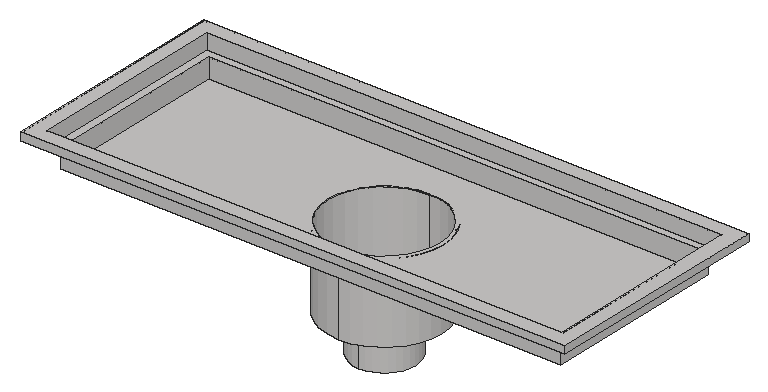
Revit family "QF_ELECTROLUXPROFESSIONAL_328062_FDB40100", category Attrezzature speciali, Revit 2020
Family settings
  Quota connettore circolare = Usa diametro
  Tipo di parte = Normale
  Basato su piano di lavoro = No
  Sempre verticale = Sì
  Taglio con vuoti quando caricato = No
  Condiviso = No
  Punto di calcolo locali = No
Parameters (values of type "Standard")
  Weight = 44.0925 lbm
  Watts = 0 W
  Volts = 0 V
  URL Manufacturer = "https://www.electroluxprofessional.com/"
  URL = "https://www.electroluxprofessional.com/"
  Steam Supply Size = 0"
  Steam Supply Minimum Pressure = 0.00 psi
  Steam Supply Maximum Pressure = 0.00 psi
  Steam Consumption per Hour = 0
  Refrigeration Suction Line Size = 0 mm
  Refrigeration Liquid Line Size = 0 mm
  Refrigerant Compressor Remote = yes
  Prospetto di default = 0 mm
  Phase = 0
  Modello = "FDB40100"
  Produttore = "Electrolux Professional"
  Length Actual = 950 mm  # constant formula
  Item Number = "328062"
  Hot Water Size = 0"
  Height Actual = 265 mm  # constant formula
  HP = "0 HP"
  Gas Size = 0"
  Gas KW = 0
  Gas Input Pressure = 0.0 Btu/h
  Direct Waste Size = 3.93701"
  Descrizione = "FLR.DRAIN+GRATE+C.SIPH-VERT. OUT.400X950"
  Depth Actual = 400 mm  # constant formula
  Cycle = 0 Hz
  Condensate Return Size = 0"
  Compressed Air Volume = 0 GPM
  Compressed Air Size = 0"
  Compressed Air Pressure = 0.00 psi
  Cold Water Size = 0"
  Assembly Code = ""
  Accessory = yes
Reference planes
  plane 1: z = 0
  plane 2 "Center (Front/Back)": y = -102.225
  plane 3 "Center (Left/Right)": x = 9.791
  plane 4 "TOP": z = -265
  plane 5 "Back": y = 97.775
  plane 6 "Front": y = -302.225
  plane 7: x = -140.209
  plane 8: x = 159.791
  plane 9 "Right": x = 484.791
  plane 10 "Left": x = -465.209
  plane 11: x = 459.791
Forms (mm)
  Revolve 1, solid, material "QF_Metal-Stainless-Polished"
    sketch origin (9.791, 0, 0) x (0, 1, 0) y (0, 0, 1)
      loop
        line (-2.225, -62) -> (0.775, -62) -> (0.775, -60) -> (-4.225, -60) -> (-4.225, -198) -> (-49.225, -198) -> (-49.225, -265) -> (-47.225, -265) -> (-47.225, -200) -> (-2.225, -200) -> (-2.225, -62)
      axis (-102.225, -265) -> (-102.225, -60)
    angle from 0 to 360
  Sweep 2, solid, material "QF_Finishes_Stainless Steel"
    path origin (0, 0, 0) x (1, 0, 0) y (0, 1, 0)
      loop
        line (-465.209, 97.775) -> (-465.209, -302.225) -> (484.791, -302.225) -> (484.791, 97.775) -> (-465.209, 97.775)
    profile origin (9.791, 97.775, 0) x (0, 1, 0) y (0, 0, 1)
      loop
        line (0, -11.945) -> (0, 1) -> (-26, 1) -> (-26, -25) -> (-40, -25) -> (-40, -59) -> (-50, -59) -> (-50, -60) -> (-39, -60) -> (-39, -26) -> (-25, -26) -> (-25, 0.055) -> (-1, 0.055) -> (-1, -11.945) -> (0, -11.945)
  Extrusion 3, solid, material "QF_Finishes_Stainless Steel"
    sketch origin (0, 0, 0) x (1, 0, 0) y (0, 1, 0)
      loop
        line (-415.209, 47.775) -> (-415.209, -252.225) -> (434.791, -252.225) -> (434.791, 47.775) -> (-415.209, 47.775)
      loop
        circle (9.791, -102.225) r 98
    from -59 to -60
Cuts and joins
  joined: Sweep 2, Extrusion 3
Lines and regions (mm)
  symbolic lines
    curve 1: line (-465.209, 97.775, 0) -> (484.791, 97.775, 0)
    curve 2: line (-465.209, -302.225, 0) -> (-465.209, 97.775, 0)
    curve 3: line (484.791, -302.225, 0) -> (-465.209, -302.225, 0)
    curve 4: line (484.791, 97.775, 0) -> (484.791, -302.225, 0)
    curve 5: circle (9.791, -102.225, 0) r 115 normal (0, 0, 1)
    curve 18: circle (9.791, -102.225, 0) r 115 normal (0, 0, -1)
    curve 24: circle (9.791, -102.225, 0) r 53 normal (0, 0, 1)
    curve 70: line (-440.209, 72.775, 0) -> (-440.209, -277.225, 0)
    curve 71: line (459.791, 72.775, 0) -> (-440.209, 72.775, 0)
    curve 72: line (-440.209, -277.225, 0) -> (459.791, -277.225, 0)
    curve 73: line (459.791, -277.225, 0) -> (459.791, 72.775, 0)
  model lines
    curve 6: line (-100.209, 71.775, 0) -> (-100.209, -276.225, 0)
    curve 7: line (-80.209, 71.775, 0) -> (-80.209, -276.225, 0)
    curve 8: line (-60.209, 71.775, 0) -> (-60.209, -276.225, 0)
    curve 9: line (-40.209, 71.775, 0) -> (-40.209, -276.225, 0)
    curve 10: line (-20.209, 71.775, 0) -> (-20.209, -276.225, 0)
    curve 11: line (-0.209, 71.775, 0) -> (-0.209, -276.225, 0)
    curve 12: line (19.791, 71.775, 0) -> (19.791, -276.225, 0)
    curve 13: line (39.791, 71.775, 0) -> (39.791, -276.225, 0)
    curve 14: line (59.791, 71.775, 0) -> (59.791, -276.225, 0)
    curve 15: line (79.791, 71.775, 0) -> (79.791, -276.225, 0)
    curve 16: line (99.791, 71.775, 0) -> (99.791, -276.225, 0)
    curve 17: line (119.791, 71.775, 0) -> (119.791, -276.225, 0)
    curve 19: line (-440.209, -22.225, 0) -> (459.791, -22.225, 0)
    curve 20: line (-440.209, -42.225, 0) -> (459.791, -42.225, 0)
    curve 21: line (-440.209, -62.225, 0) -> (459.791, -62.225, 0)
    curve 22: line (-440.209, -102.225, 0) -> (459.791, -102.225, 0)
    curve 23: line (-440.209, -122.225, 0) -> (459.791, -122.225, 0)
    curve 25: line (-440.209, 37.775, 0) -> (459.791, 37.775, 0)
    curve 26: line (-440.209, 17.775, 0) -> (459.791, 17.775, 0)
    curve 27: line (-440.209, -2.225, 0) -> (459.791, -2.225, 0)
    curve 28: line (-440.209, -202.225, 0) -> (459.791, -202.225, 0)
    curve 29: line (-440.209, -182.225, 0) -> (459.791, -182.225, 0)
    curve 30: line (-440.209, -162.225, 0) -> (459.791, -162.225, 0)
    curve 31: line (-440.209, -142.225, 0) -> (459.791, -142.225, 0)
    curve 32: line (-440.209, -262.225, 0) -> (459.791, -262.225, 0)
    curve 33: line (-440.209, -242.225, 0) -> (459.791, -242.225, 0)
    curve 34: line (-440.209, -222.225, 0) -> (459.791, -222.225, 0)
    curve 35: line (-440.209, 57.775, 0) -> (459.791, 57.775, 0)
    curve 36: line (139.791, 71.775, 0) -> (139.791, -276.225, 0)
    curve 37: line (159.791, 71.775, 0) -> (159.791, -276.225, 0)
    curve 38: line (179.791, 71.775, 0) -> (179.791, -276.225, 0)
    curve 39: line (199.791, 71.775, 0) -> (199.791, -276.225, 0)
    curve 40: line (219.791, 71.775, 0) -> (219.791, -276.225, 0)
    curve 41: line (239.791, 71.775, 0) -> (239.791, -276.225, 0)
    curve 42: line (259.791, 71.775, 0) -> (259.791, -276.225, 0)
    curve 43: line (279.791, 71.775, 0) -> (279.791, -276.225, 0)
    curve 44: line (299.791, 71.775, 0) -> (299.791, -276.225, 0)
    curve 45: line (319.791, 71.775, 0) -> (319.791, -276.225, 0)
    curve 46: line (339.791, 71.775, 0) -> (339.791, -276.225, 0)
    curve 47: line (359.791, 71.775, 0) -> (359.791, -276.225, 0)
    curve 48: line (379.791, 71.775, 0) -> (379.791, -276.225, 0)
    curve 49: line (399.791, 71.775, 0) -> (399.791, -276.225, 0)
    curve 50: line (419.791, 71.775, 0) -> (419.791, -276.225, 0)
    curve 51: line (439.791, 71.775, 0) -> (439.791, -276.225, 0)
    curve 52: line (459.791, 72.775, 0) -> (459.791, -277.225, 0)
    curve 53: line (-440.209, -82.225, 0) -> (459.791, -82.225, 0)
    curve 54: line (-360.209, 71.775, 0) -> (-360.209, -276.225, 0)
    curve 55: line (-340.209, 71.775, 0) -> (-340.209, -276.225, 0)
    curve 56: line (-320.209, 71.775, 0) -> (-320.209, -276.225, 0)
    curve 57: line (-300.209, 71.775, 0) -> (-300.209, -276.225, 0)
    curve 58: line (-280.209, 71.775, 0) -> (-280.209, -276.225, 0)
    curve 59: line (-260.209, 71.775, 0) -> (-260.209, -276.225, 0)
    curve 60: line (-240.209, 71.775, 0) -> (-240.209, -276.225, 0)
    curve 61: line (-220.209, 71.775, 0) -> (-220.209, -276.225, 0)
    curve 62: line (-200.209, 71.775, 0) -> (-200.209, -276.225, 0)
    curve 63: line (-180.209, 71.775, 0) -> (-180.209, -276.225, 0)
    curve 64: line (-160.209, 71.775, 0) -> (-160.209, -276.225, 0)
    curve 65: line (-140.209, 71.775, 0) -> (-140.209, -276.225, 0)
    curve 66: line (-120.209, 71.775, 0) -> (-120.209, -276.225, 0)
    curve 67: line (-420.209, 71.775, 0) -> (-420.209, -276.225, 0)
    curve 68: line (-400.209, 71.775, 0) -> (-400.209, -276.225, 0)
    curve 69: line (-380.209, 71.775, 0) -> (-380.209, -276.225, 0)
Dimensions and locks
  equal spacing: plane 8, plane 3 "Center (Left/Right)", plane 7
  level to plane 4 "TOP" = 265 mm
  locked: Revolve 1 sketch curve to Revolve 1 sketch curve at 100
  locked: Revolve 1 sketch curve to Revolve 1 sketch curve at 55
  locked: plane 8 to plane 7 at 300
  equal spacing: plane 6 "Front", plane 2 "Center (Front/Back)", plane 5 "Back"
  locked: plane 6 "Front" to plane 5 "Back" at 400
  equal spacing: plane 10 "Left", plane 3 "Center (Left/Right)", plane 9 "Right"
  locked: plane 10 "Left" to plane 9 "Right" at 950
  locked: plane 11 to plane 9 "Right" at 25
  aligned and locked: level to plane 1
  aligned and locked: Sweep 2 sketch curve to plane 9 "Right"
  aligned and locked: curve 4 to plane 9 "Right"
  aligned and locked: plane 10 "Left" to Sweep 2 sketch curve
  aligned and locked: plane 10 "Left" to curve 2
  aligned and locked: plane 11 to curve 25
Automatic sketch dimensions
  plane 6 "Front" to Sweep 2 sketch curve = 0 mm
  plane 5 "Back" to Sweep 2 sketch curve = 0 mm
  level to Sweep 2 sketch curve = 1 mm
  Sweep 2 sketch curve to profile plane = 0 mm
  profile plane to Sweep 2 sketch curve = 1 mm
  profile plane to Sweep 2 sketch curve = 25 mm
  Sweep 2 sketch curve to Sweep 2 sketch curve = 1 mm  (x4)
  Sweep 2 sketch curve to Sweep 2 sketch curve = 14 mm
  level to Sweep 2 sketch curve = 0.055 mm
  Sweep 2 sketch curve to Sweep 2 sketch curve = 12 mm
  Sweep 2 sketch curve to level = 25 mm
  Sweep 2 sketch curve to Sweep 2 sketch curve = 33 mm
  Sweep 2 sketch curve to Sweep 2 sketch curve = 10 mm
  Extrusion 3 sketch curve to plane 2 "Center (Front/Back)" = 0 mm
  Extrusion 3 sketch curve to plane 3 "Center (Left/Right)" = 0 mm
  Extrusion 3 sketch curve to plane 9 "Right" = 50 mm
  Extrusion 3 sketch curve to plane 6 "Front" = 50 mm
  plane 5 "Back" to Extrusion 3 sketch curve = 50 mm
  plane 10 "Left" to Extrusion 3 sketch curve = 50 mm
  curve 5 to curve 18 = 0 mm  (x2)
  curve 5 to curve 24 = 0 mm  (x2)
  curve 18 to curve 24 = 0 mm  (x2)
  curve 22 to plane 2 "Center (Front/Back)" = 0 mm
  curve 65 to plane 7 = 0 mm
  curve 18 to plane 2 "Center (Front/Back)" = 0 mm
  curve 18 to plane 3 "Center (Left/Right)" = 0 mm
  curve 37 to plane 8 = 0 mm
  curve 34 to plane 11 = 0 mm
  curve 33 to plane 11 = 0 mm
  curve 35 to plane 11 = 0 mm
  curve 31 to plane 11 = 0 mm
  curve 30 to plane 11 = 0 mm
  curve 29 to plane 11 = 0 mm
  curve 28 to plane 11 = 0 mm
  curve 27 to plane 11 = 0 mm
  curve 26 to plane 11 = 0 mm
  curve 23 to plane 11 = 0 mm
  curve 22 to plane 11 = 0 mm
  curve 21 to plane 11 = 0 mm
  curve 20 to plane 11 = 0 mm
  curve 19 to plane 11 = 0 mm
  curve 32 to plane 11 = 0 mm
  curve 72 to plane 11 = 0 mm
  curve 71 to plane 11 = 0 mm
  curve 53 to plane 11 = 0 mm
  plane 6 "Front" to curve 3 = 0 mm
  plane 5 "Back" to curve 2 = 0 mm
  plane 10 "Left" to curve 71 = 25 mm
  curve 52 to plane 6 "Front" = 25 mm
  plane 8 to curve 52 = 300 mm
  curve 72 to plane 6 "Front" = 25 mm
  plane 5 "Back" to curve 70 = 25 mm
  plane 5 "Back" to curve 73 = 25 mm
  curve 70 to curve 67 = 20 mm
  curve 67 to curve 68 = 20 mm
  curve 68 to curve 69 = 20 mm
  curve 69 to curve 54 = 20 mm
  curve 54 to curve 55 = 20 mm
  curve 55 to curve 56 = 20 mm
  curve 56 to curve 57 = 20 mm
  curve 57 to curve 58 = 20 mm
  curve 58 to curve 59 = 20 mm
  curve 59 to curve 60 = 20 mm
  curve 60 to curve 61 = 20 mm
  curve 61 to curve 62 = 20 mm
  curve 62 to curve 63 = 20 mm
  curve 64 to plane 7 = 20 mm
  curve 65 to curve 66 = 20 mm
  curve 66 to curve 6 = 20 mm
  curve 6 to curve 7 = 20 mm
  curve 7 to curve 8 = 20 mm
  curve 8 to curve 9 = 20 mm
  curve 9 to curve 10 = 20 mm
  curve 11 to plane 3 "Center (Left/Right)" = 10 mm
  plane 3 "Center (Left/Right)" to curve 12 = 10 mm
  curve 12 to curve 13 = 20 mm
  curve 13 to curve 14 = 20 mm
  curve 14 to curve 15 = 20 mm
  curve 15 to curve 16 = 20 mm
  curve 16 to curve 17 = 20 mm
  curve 36 to curve 37 = 20 mm
  plane 8 to curve 38 = 20 mm
  curve 38 to curve 39 = 20 mm
  curve 39 to curve 40 = 20 mm
  curve 40 to curve 41 = 20 mm
  curve 41 to curve 42 = 20 mm
  curve 42 to curve 43 = 20 mm
  curve 43 to curve 44 = 20 mm
  curve 44 to curve 45 = 20 mm
  curve 45 to curve 46 = 20 mm
  curve 46 to curve 47 = 20 mm
  curve 47 to curve 48 = 20 mm
  curve 48 to curve 49 = 20 mm
  curve 49 to curve 50 = 20 mm
  curve 50 to curve 51 = 20 mm
  curve 68 to plane 6 "Front" = 26 mm
  curve 6 to plane 6 "Front" = 26 mm
  curve 67 to curve 68 = 0 mm  (x2)
  curve 6 to curve 7 = 0 mm  (x2)
  curve 66 to curve 6 = 0 mm
  curve 7 to curve 8 = 0 mm  (x2)
  curve 65 to curve 66 = 0 mm  (x2)
  curve 8 to curve 9 = 0 mm  (x2)
  curve 64 to curve 65 = 0 mm  (x2)
  curve 68 to curve 69 = 0 mm
  curve 63 to plane 6 "Front" = 26 mm
  curve 11 to plane 6 "Front" = 26 mm
  curve 62 to curve 63 = 0 mm  (x2)
  curve 11 to curve 12 = 0 mm  (x2)
  curve 61 to curve 62 = 0 mm  (x2)
  curve 12 to curve 13 = 0 mm  (x2)
  curve 60 to curve 61 = 0 mm  (x2)
  curve 13 to curve 14 = 0 mm  (x2)
  curve 59 to curve 60 = 0 mm  (x2)
  curve 14 to curve 15 = 0 mm  (x2)
  curve 58 to curve 59 = 0 mm  (x2)
  curve 15 to curve 16 = 0 mm  (x2)
  curve 57 to curve 58 = 0 mm  (x2)
  curve 16 to curve 17 = 0 mm  (x2)
  curve 56 to curve 57 = 0 mm  (x2)
  curve 55 to curve 56 = 0 mm  (x2)
  curve 54 to curve 55 = 0 mm  (x2)
  curve 9 to curve 10 = 0 mm  (x2)
  curve 52 to curve 51 = 1 mm
  curve 50 to curve 51 = 0 mm  (x2)
  curve 49 to curve 50 = 0 mm
  curve 48 to curve 49 = 0 mm  (x2)
  curve 47 to curve 48 = 0 mm  (x2)
  curve 46 to curve 47 = 0 mm  (x2)
  curve 45 to curve 46 = 0 mm  (x2)
  curve 44 to curve 45 = 0 mm  (x2)
  curve 43 to curve 44 = 0 mm
  curve 42 to curve 43 = 0 mm  (x2)
  curve 41 to curve 42 = 0 mm  (x2)
  curve 40 to curve 41 = 0 mm
  curve 39 to curve 40 = 0 mm  (x2)
  curve 38 to curve 39 = 0 mm  (x2)
  curve 37 to curve 38 = 0 mm
  curve 36 to curve 37 = 0 mm  (x2)
  curve 72 to curve 32 = 15 mm
  curve 32 to curve 33 = 20 mm
  curve 33 to curve 34 = 20 mm
  curve 34 to curve 28 = 20 mm
  curve 28 to curve 29 = 20 mm
  curve 29 to curve 30 = 20 mm
  curve 30 to curve 31 = 20 mm
  curve 23 to curve 22 = 20 mm
  plane 2 "Center (Front/Back)" to curve 53 = 20 mm
  curve 53 to curve 21 = 20 mm
  curve 21 to curve 20 = 20 mm
  curve 20 to curve 19 = 20 mm
  curve 19 to curve 27 = 20 mm
  curve 27 to curve 26 = 20 mm
  curve 26 to curve 25 = 20 mm
  curve 35 to curve 70 = 15 mm
  plane 5 "Back" to curve 47 = 26 mm
  plane 5 "Back" to curve 36 = 26 mm
  plane 5 "Back" to curve 39 = 26 mm
  plane 5 "Back" to curve 50 = 26 mm
  plane 5 "Back" to curve 42 = 26 mm
  plane 5 "Back" to curve 69 = 26 mm
  curve 69 to curve 54 = 0 mm
  curve 17 to curve 36 = 0 mm
  plane 5 "Back" to curve 64 = 26 mm
  curve 10 to curve 11 = 0 mm
  curve 67 to curve 70 = 1 mm
  Revolve 1 sketch curve to plane 2 "Center (Front/Back)" = 0 mm
  Revolve 1 sketch curve to plane 4 "TOP" = 0 mm
  Revolve 1 sketch curve to Revolve 1 sketch curve = 2 mm  (x4)
  Revolve 1 sketch curve to Revolve 1 sketch curve = 3 mm
  plane 4 "TOP" to Revolve 1 sketch curve = 65 mm
  Revolve 1 sketch curve to level = 60 mm
  Revolve 1 sketch curve to plane 4 "TOP" = 344.6 mm
  level to Revolve 1 sketch curve = 2466.13 mm
  radius of Extrusion 3 sketch curve = 98 mm
  radius of curve 5 = 115 mm
  radius of curve 18 = 115 mm
  radius of curve 24 = 53 mm
Connectors
  piping at (9.791, -102.225, -265), diameter 100, driven by "Direct Waste Size"
    settings: on Revolve 1, index 1, connector inside diameter 24", connector length 0 mm, flow factor 0, pipe flow 0 GPM, pressure drop 0.00 psi, fitting loss kfactor 0, connector angle 0.00°, fixture units 0, engagement length 0 mm, angle of deflection 0.00°, flow configuration 1, flow direction 2, fitting loss method 0, system type 16, joint type 0, gender type 0, connector reference index -1, connector utility 0, adjustable connector no, is connector primary yes, connector description "Drain"
